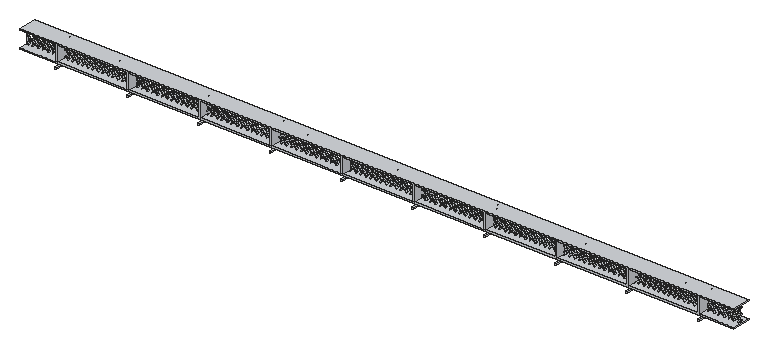
Revit family "Nedsale_venti panlat_zonder kam_Generic Model_2015", category Generic Models, Revit 2015 (continued)
Automatic sketch dimensions
  Extrusion 32 sketch curve to Extrusion 32 sketch curve = 4 mm  (x7)
  Extrusion 32 sketch curve to Extrusion 32 sketch curve = 0.959 mm  (x7)
  Extrusion 32 sketch curve to Extrusion 32 sketch curve = 1.279 mm  (x2)
  Extrusion 32 sketch curve to Extrusion 32 sketch curve = 0.721 mm  (x2)
  Extrusion 32 sketch curve to Extrusion 32 sketch curve = 2 mm  (x7)
  Extrusion 32 sketch curve to Extrusion 32 sketch curve = 1.68 mm  (x2)
  Extrusion 32 sketch curve to Extrusion 32 sketch curve = 2.91 mm  (x2)
  Extrusion 32 sketch curve to Extrusion 32 sketch curve = 3.464 mm  (x10)
  Extrusion 32 sketch curve to Extrusion 32 sketch curve = 0.554 mm  (x7)
  Extrusion 32 sketch curve to Extrusion 32 sketch curve = 1.108 mm  (x3)
  Extrusion 33 sketch curve to Extrusion 33 sketch curve = 0 mm  (x11)
  Extrusion 33 sketch curve to Extrusion 33 sketch curve = 4 mm  (x7)
  Extrusion 33 sketch curve to Extrusion 33 sketch curve = 0.959 mm  (x7)
  Extrusion 33 sketch curve to Extrusion 33 sketch curve = 1.279 mm  (x2)
  Extrusion 33 sketch curve to Extrusion 33 sketch curve = 0.721 mm  (x2)
  Extrusion 33 sketch curve to Extrusion 33 sketch curve = 2 mm  (x7)
  Extrusion 33 sketch curve to Extrusion 33 sketch curve = 1.68 mm  (x2)
  Extrusion 33 sketch curve to Extrusion 33 sketch curve = 2.91 mm  (x2)
  Extrusion 33 sketch curve to Extrusion 33 sketch curve = 3.464 mm  (x10)
  Extrusion 33 sketch curve to Extrusion 33 sketch curve = 0.554 mm  (x7)
  Extrusion 33 sketch curve to Extrusion 33 sketch curve = 1.108 mm  (x3)
  Extrusion 34 sketch curve to Extrusion 34 sketch curve = 0 mm  (x11)
  Extrusion 34 sketch curve to Extrusion 34 sketch curve = 4 mm  (x7)
  Extrusion 34 sketch curve to Extrusion 34 sketch curve = 0.959 mm  (x7)
  Extrusion 34 sketch curve to Extrusion 34 sketch curve = 1.279 mm  (x2)
  Extrusion 34 sketch curve to Extrusion 34 sketch curve = 0.721 mm  (x2)
  Extrusion 34 sketch curve to Extrusion 34 sketch curve = 2 mm  (x7)
  Extrusion 34 sketch curve to Extrusion 34 sketch curve = 1.68 mm  (x2)
  Extrusion 34 sketch curve to Extrusion 34 sketch curve = 2.91 mm  (x2)
  Extrusion 34 sketch curve to Extrusion 34 sketch curve = 3.464 mm  (x10)
  Extrusion 34 sketch curve to Extrusion 34 sketch curve = 0.554 mm  (x7)
  Extrusion 34 sketch curve to Extrusion 34 sketch curve = 1.108 mm  (x3)
  Extrusion 35 sketch curve to Extrusion 35 sketch curve = 0 mm  (x11)
  Extrusion 35 sketch curve to Extrusion 35 sketch curve = 4 mm  (x7)
  Extrusion 35 sketch curve to Extrusion 35 sketch curve = 0.959 mm  (x7)
  Extrusion 35 sketch curve to Extrusion 35 sketch curve = 1.279 mm  (x2)
  Extrusion 35 sketch curve to Extrusion 35 sketch curve = 0.721 mm  (x2)
  Extrusion 35 sketch curve to Extrusion 35 sketch curve = 2 mm  (x7)
  Extrusion 35 sketch curve to Extrusion 35 sketch curve = 1.68 mm  (x2)
  Extrusion 35 sketch curve to Extrusion 35 sketch curve = 2.91 mm  (x2)
  Extrusion 35 sketch curve to Extrusion 35 sketch curve = 3.464 mm  (x10)
  Extrusion 35 sketch curve to Extrusion 35 sketch curve = 0.554 mm  (x7)
  Extrusion 35 sketch curve to Extrusion 35 sketch curve = 1.108 mm  (x3)
  Extrusion 36 sketch curve to Extrusion 36 sketch curve = 0 mm  (x11)
  Extrusion 36 sketch curve to Extrusion 36 sketch curve = 4 mm  (x7)
  Extrusion 36 sketch curve to Extrusion 36 sketch curve = 0.959 mm  (x7)
  Extrusion 36 sketch curve to Extrusion 36 sketch curve = 1.279 mm  (x2)
  Extrusion 36 sketch curve to Extrusion 36 sketch curve = 0.721 mm  (x2)
  Extrusion 36 sketch curve to Extrusion 36 sketch curve = 2 mm  (x7)
  Extrusion 36 sketch curve to Extrusion 36 sketch curve = 1.68 mm  (x2)
  Extrusion 36 sketch curve to Extrusion 36 sketch curve = 2.91 mm  (x2)
  Extrusion 36 sketch curve to Extrusion 36 sketch curve = 3.464 mm  (x10)
  Extrusion 36 sketch curve to Extrusion 36 sketch curve = 0.554 mm  (x7)
  Extrusion 36 sketch curve to Extrusion 36 sketch curve = 1.108 mm  (x3)
  Extrusion 37 sketch curve to Extrusion 37 sketch curve = 0 mm  (x11)
  Extrusion 37 sketch curve to Extrusion 37 sketch curve = 4 mm  (x7)
  Extrusion 37 sketch curve to Extrusion 37 sketch curve = 0.959 mm  (x7)
  Extrusion 37 sketch curve to Extrusion 37 sketch curve = 1.279 mm  (x2)
  Extrusion 37 sketch curve to Extrusion 37 sketch curve = 0.721 mm  (x2)
  Extrusion 37 sketch curve to Extrusion 37 sketch curve = 2 mm  (x7)
  Extrusion 37 sketch curve to Extrusion 37 sketch curve = 1.68 mm  (x2)
  Extrusion 37 sketch curve to Extrusion 37 sketch curve = 2.91 mm  (x2)
  Extrusion 37 sketch curve to Extrusion 37 sketch curve = 3.464 mm  (x10)
  Extrusion 37 sketch curve to Extrusion 37 sketch curve = 0.554 mm  (x7)
  Extrusion 37 sketch curve to Extrusion 37 sketch curve = 1.108 mm  (x3)
  Extrusion 38 sketch curve to Extrusion 38 sketch curve = 0 mm  (x11)
  Extrusion 38 sketch curve to Extrusion 38 sketch curve = 4 mm  (x7)
  Extrusion 38 sketch curve to Extrusion 38 sketch curve = 0.959 mm  (x7)
  Extrusion 38 sketch curve to Extrusion 38 sketch curve = 1.279 mm  (x2)
  Extrusion 38 sketch curve to Extrusion 38 sketch curve = 0.721 mm  (x2)
  Extrusion 38 sketch curve to Extrusion 38 sketch curve = 2 mm  (x7)
  Extrusion 38 sketch curve to Extrusion 38 sketch curve = 1.68 mm  (x2)
  Extrusion 38 sketch curve to Extrusion 38 sketch curve = 2.91 mm  (x2)
  Extrusion 38 sketch curve to Extrusion 38 sketch curve = 3.464 mm  (x10)
  Extrusion 38 sketch curve to Extrusion 38 sketch curve = 0.554 mm  (x7)
  Extrusion 38 sketch curve to Extrusion 38 sketch curve = 1.108 mm  (x3)
  Extrusion 39 sketch curve to Extrusion 39 sketch curve = 0 mm  (x11)
  Extrusion 39 sketch curve to Extrusion 39 sketch curve = 4 mm  (x7)
  Extrusion 39 sketch curve to Extrusion 39 sketch curve = 0.959 mm  (x7)
  Extrusion 39 sketch curve to Extrusion 39 sketch curve = 1.279 mm  (x2)
  Extrusion 39 sketch curve to Extrusion 39 sketch curve = 0.721 mm  (x2)
  Extrusion 39 sketch curve to Extrusion 39 sketch curve = 2 mm  (x7)
  Extrusion 39 sketch curve to Extrusion 39 sketch curve = 1.68 mm  (x2)
  Extrusion 39 sketch curve to Extrusion 39 sketch curve = 2.91 mm  (x2)
  Extrusion 39 sketch curve to Extrusion 39 sketch curve = 3.464 mm  (x10)
  Extrusion 39 sketch curve to Extrusion 39 sketch curve = 0.554 mm  (x7)
  Extrusion 39 sketch curve to Extrusion 39 sketch curve = 1.108 mm  (x3)
  Extrusion 40 sketch curve to Extrusion 40 sketch curve = 0 mm  (x11)
  Extrusion 40 sketch curve to Extrusion 40 sketch curve = 4 mm  (x7)
  Extrusion 40 sketch curve to Extrusion 40 sketch curve = 0.959 mm  (x7)
  Extrusion 40 sketch curve to Extrusion 40 sketch curve = 1.279 mm  (x2)
  Extrusion 40 sketch curve to Extrusion 40 sketch curve = 0.721 mm  (x2)
  Extrusion 40 sketch curve to Extrusion 40 sketch curve = 2 mm  (x7)
  Extrusion 40 sketch curve to Extrusion 40 sketch curve = 1.68 mm  (x2)
  Extrusion 40 sketch curve to Extrusion 40 sketch curve = 2.91 mm  (x2)
  Extrusion 40 sketch curve to Extrusion 40 sketch curve = 3.464 mm  (x10)
  Extrusion 40 sketch curve to Extrusion 40 sketch curve = 0.554 mm  (x7)
  Extrusion 40 sketch curve to Extrusion 40 sketch curve = 1.108 mm  (x3)
  Extrusion 41 sketch curve to Extrusion 41 sketch curve = 0 mm  (x11)
  Extrusion 41 sketch curve to Extrusion 41 sketch curve = 4 mm  (x7)
  Extrusion 41 sketch curve to Extrusion 41 sketch curve = 0.959 mm  (x7)
  Extrusion 41 sketch curve to Extrusion 41 sketch curve = 1.279 mm  (x2)
  Extrusion 41 sketch curve to Extrusion 41 sketch curve = 0.721 mm  (x2)
  Extrusion 41 sketch curve to Extrusion 41 sketch curve = 2 mm  (x7)
  Extrusion 41 sketch curve to Extrusion 41 sketch curve = 1.68 mm  (x2)
  Extrusion 41 sketch curve to Extrusion 41 sketch curve = 2.91 mm  (x2)
  Extrusion 41 sketch curve to Extrusion 41 sketch curve = 3.464 mm  (x10)
  Extrusion 41 sketch curve to Extrusion 41 sketch curve = 0.554 mm  (x7)
  Extrusion 41 sketch curve to Extrusion 41 sketch curve = 1.108 mm  (x3)
  Extrusion 42 sketch curve to Extrusion 42 sketch curve = 0 mm  (x11)
  Extrusion 42 sketch curve to Extrusion 42 sketch curve = 4 mm  (x7)
  Extrusion 42 sketch curve to Extrusion 42 sketch curve = 0.959 mm  (x7)
  Extrusion 42 sketch curve to Extrusion 42 sketch curve = 1.279 mm  (x2)
  Extrusion 42 sketch curve to Extrusion 42 sketch curve = 0.721 mm  (x2)
  Extrusion 42 sketch curve to Extrusion 42 sketch curve = 2 mm  (x7)
  Extrusion 42 sketch curve to Extrusion 42 sketch curve = 1.68 mm  (x2)
  Extrusion 42 sketch curve to Extrusion 42 sketch curve = 2.91 mm  (x2)
  Extrusion 42 sketch curve to Extrusion 42 sketch curve = 3.464 mm  (x10)
  Extrusion 42 sketch curve to Extrusion 42 sketch curve = 0.554 mm  (x7)
  Extrusion 42 sketch curve to Extrusion 42 sketch curve = 1.108 mm  (x3)
  Extrusion 43 sketch curve to Extrusion 43 sketch curve = 0 mm  (x11)
  Extrusion 43 sketch curve to Extrusion 43 sketch curve = 4 mm  (x7)
  Extrusion 43 sketch curve to Extrusion 43 sketch curve = 0.959 mm  (x7)
  Extrusion 43 sketch curve to Extrusion 43 sketch curve = 1.279 mm  (x2)
  Extrusion 43 sketch curve to Extrusion 43 sketch curve = 0.721 mm  (x2)
  Extrusion 43 sketch curve to Extrusion 43 sketch curve = 2 mm  (x7)
  Extrusion 43 sketch curve to Extrusion 43 sketch curve = 1.68 mm  (x2)
  Extrusion 43 sketch curve to Extrusion 43 sketch curve = 2.91 mm  (x2)
  Extrusion 43 sketch curve to Extrusion 43 sketch curve = 3.464 mm  (x10)
  Extrusion 43 sketch curve to Extrusion 43 sketch curve = 0.554 mm  (x7)
  Extrusion 43 sketch curve to Extrusion 43 sketch curve = 1.108 mm  (x3)
  Extrusion 44 sketch curve to Extrusion 44 sketch curve = 0 mm  (x11)
  Extrusion 44 sketch curve to Extrusion 44 sketch curve = 4 mm  (x7)
  Extrusion 44 sketch curve to Extrusion 44 sketch curve = 0.959 mm  (x7)
  Extrusion 44 sketch curve to Extrusion 44 sketch curve = 1.279 mm  (x2)
  Extrusion 44 sketch curve to Extrusion 44 sketch curve = 0.721 mm  (x2)
  Extrusion 44 sketch curve to Extrusion 44 sketch curve = 2 mm  (x7)
  Extrusion 44 sketch curve to Extrusion 44 sketch curve = 1.68 mm  (x2)
  Extrusion 44 sketch curve to Extrusion 44 sketch curve = 2.91 mm  (x2)
  Extrusion 44 sketch curve to Extrusion 44 sketch curve = 3.464 mm  (x10)
  Extrusion 44 sketch curve to Extrusion 44 sketch curve = 0.554 mm  (x7)
  Extrusion 44 sketch curve to Extrusion 44 sketch curve = 1.108 mm  (x3)
  Extrusion 45 sketch curve to Extrusion 45 sketch curve = 0 mm  (x11)
  Extrusion 45 sketch curve to Extrusion 45 sketch curve = 4 mm  (x7)
  Extrusion 45 sketch curve to Extrusion 45 sketch curve = 0.959 mm  (x7)
  Extrusion 45 sketch curve to Extrusion 45 sketch curve = 1.279 mm  (x2)
  Extrusion 45 sketch curve to Extrusion 45 sketch curve = 0.721 mm  (x2)
  Extrusion 45 sketch curve to Extrusion 45 sketch curve = 2 mm  (x7)
  Extrusion 45 sketch curve to Extrusion 45 sketch curve = 1.68 mm  (x2)
  Extrusion 45 sketch curve to Extrusion 45 sketch curve = 2.91 mm  (x2)
  Extrusion 45 sketch curve to Extrusion 45 sketch curve = 3.464 mm  (x10)
  Extrusion 45 sketch curve to Extrusion 45 sketch curve = 0.554 mm  (x7)
  Extrusion 45 sketch curve to Extrusion 45 sketch curve = 1.108 mm  (x3)
  Extrusion 46 sketch curve to Extrusion 46 sketch curve = 0 mm  (x11)
  Extrusion 46 sketch curve to Extrusion 46 sketch curve = 4 mm  (x7)
  Extrusion 46 sketch curve to Extrusion 46 sketch curve = 0.959 mm  (x7)
  Extrusion 46 sketch curve to Extrusion 46 sketch curve = 1.279 mm  (x2)
  Extrusion 46 sketch curve to Extrusion 46 sketch curve = 0.721 mm  (x2)
  Extrusion 46 sketch curve to Extrusion 46 sketch curve = 2 mm  (x7)
  Extrusion 46 sketch curve to Extrusion 46 sketch curve = 1.68 mm  (x2)
  Extrusion 46 sketch curve to Extrusion 46 sketch curve = 2.91 mm  (x2)
  Extrusion 46 sketch curve to Extrusion 46 sketch curve = 3.464 mm  (x10)
  Extrusion 46 sketch curve to Extrusion 46 sketch curve = 0.554 mm  (x7)
  Extrusion 46 sketch curve to Extrusion 46 sketch curve = 1.108 mm  (x3)
  Extrusion 47 sketch curve to Extrusion 47 sketch curve = 0 mm  (x11)
  Extrusion 47 sketch curve to Extrusion 47 sketch curve = 4 mm  (x7)
  Extrusion 47 sketch curve to Extrusion 47 sketch curve = 0.959 mm  (x7)
  Extrusion 47 sketch curve to Extrusion 47 sketch curve = 1.279 mm  (x2)
  Extrusion 47 sketch curve to Extrusion 47 sketch curve = 0.721 mm  (x2)
  Extrusion 47 sketch curve to Extrusion 47 sketch curve = 2 mm  (x7)
  Extrusion 47 sketch curve to Extrusion 47 sketch curve = 1.68 mm  (x2)
  Extrusion 47 sketch curve to Extrusion 47 sketch curve = 2.91 mm  (x2)
  Extrusion 47 sketch curve to Extrusion 47 sketch curve = 3.464 mm  (x10)
  Extrusion 47 sketch curve to Extrusion 47 sketch curve = 0.554 mm  (x7)
  Extrusion 47 sketch curve to Extrusion 47 sketch curve = 1.108 mm  (x3)
  Extrusion 48 sketch curve to Extrusion 48 sketch curve = 0 mm  (x11)
  Extrusion 48 sketch curve to Extrusion 48 sketch curve = 4 mm  (x7)
  Extrusion 48 sketch curve to Extrusion 48 sketch curve = 0.959 mm  (x7)
  Extrusion 48 sketch curve to Extrusion 48 sketch curve = 1.279 mm  (x2)
  Extrusion 48 sketch curve to Extrusion 48 sketch curve = 0.721 mm  (x2)
  Extrusion 48 sketch curve to Extrusion 48 sketch curve = 2 mm  (x7)
  Extrusion 48 sketch curve to Extrusion 48 sketch curve = 1.68 mm  (x2)
  Extrusion 48 sketch curve to Extrusion 48 sketch curve = 2.91 mm  (x2)
  Extrusion 48 sketch curve to Extrusion 48 sketch curve = 3.464 mm  (x10)
  Extrusion 48 sketch curve to Extrusion 48 sketch curve = 0.554 mm  (x7)
  Extrusion 48 sketch curve to Extrusion 48 sketch curve = 1.108 mm  (x3)
  Extrusion 49 sketch curve to Extrusion 49 sketch curve = 0 mm  (x11)
  Extrusion 49 sketch curve to Extrusion 49 sketch curve = 4 mm  (x7)
  Extrusion 49 sketch curve to Extrusion 49 sketch curve = 0.959 mm  (x7)
  Extrusion 49 sketch curve to Extrusion 49 sketch curve = 1.279 mm  (x2)
  Extrusion 49 sketch curve to Extrusion 49 sketch curve = 0.721 mm  (x2)
  Extrusion 49 sketch curve to Extrusion 49 sketch curve = 2 mm  (x7)
  Extrusion 49 sketch curve to Extrusion 49 sketch curve = 1.68 mm  (x2)
  Extrusion 49 sketch curve to Extrusion 49 sketch curve = 2.91 mm  (x2)
  Extrusion 49 sketch curve to Extrusion 49 sketch curve = 3.464 mm  (x10)
  Extrusion 49 sketch curve to Extrusion 49 sketch curve = 0.554 mm  (x7)
  Extrusion 49 sketch curve to Extrusion 49 sketch curve = 1.108 mm  (x3)
  Extrusion 50 sketch curve to Extrusion 50 sketch curve = 0 mm  (x11)
  Extrusion 50 sketch curve to Extrusion 50 sketch curve = 4 mm  (x7)
  Extrusion 50 sketch curve to Extrusion 50 sketch curve = 0.959 mm  (x7)
  Extrusion 50 sketch curve to Extrusion 50 sketch curve = 1.279 mm  (x2)
  Extrusion 50 sketch curve to Extrusion 50 sketch curve = 0.721 mm  (x2)
  Extrusion 50 sketch curve to Extrusion 50 sketch curve = 2 mm  (x7)
  Extrusion 50 sketch curve to Extrusion 50 sketch curve = 1.68 mm  (x2)
  Extrusion 50 sketch curve to Extrusion 50 sketch curve = 2.91 mm  (x2)
  Extrusion 50 sketch curve to Extrusion 50 sketch curve = 3.464 mm  (x10)
  Extrusion 50 sketch curve to Extrusion 50 sketch curve = 0.554 mm  (x7)
  Extrusion 50 sketch curve to Extrusion 50 sketch curve = 1.108 mm  (x3)
  Extrusion 51 sketch curve to Extrusion 51 sketch curve = 0 mm  (x11)
  Extrusion 51 sketch curve to Extrusion 51 sketch curve = 4 mm  (x7)
  Extrusion 51 sketch curve to Extrusion 51 sketch curve = 0.959 mm  (x7)
  Extrusion 51 sketch curve to Extrusion 51 sketch curve = 1.279 mm  (x2)
  Extrusion 51 sketch curve to Extrusion 51 sketch curve = 0.721 mm  (x2)
  Extrusion 51 sketch curve to Extrusion 51 sketch curve = 2 mm  (x7)
  Extrusion 51 sketch curve to Extrusion 51 sketch curve = 1.68 mm  (x2)
  Extrusion 51 sketch curve to Extrusion 51 sketch curve = 2.91 mm  (x2)
  Extrusion 51 sketch curve to Extrusion 51 sketch curve = 3.464 mm  (x10)
  Extrusion 51 sketch curve to Extrusion 51 sketch curve = 0.554 mm  (x7)
  Extrusion 51 sketch curve to Extrusion 51 sketch curve = 1.108 mm  (x3)
  Extrusion 52 sketch curve to Extrusion 52 sketch curve = 0 mm  (x11)
  Extrusion 52 sketch curve to Extrusion 52 sketch curve = 4 mm  (x7)
  Extrusion 52 sketch curve to Extrusion 52 sketch curve = 0.959 mm  (x7)
  Extrusion 52 sketch curve to Extrusion 52 sketch curve = 1.279 mm  (x2)
  Extrusion 52 sketch curve to Extrusion 52 sketch curve = 0.721 mm  (x2)
  Extrusion 52 sketch curve to Extrusion 52 sketch curve = 2 mm  (x7)
  Extrusion 52 sketch curve to Extrusion 52 sketch curve = 1.68 mm  (x2)
  Extrusion 52 sketch curve to Extrusion 52 sketch curve = 2.91 mm  (x2)
  Extrusion 52 sketch curve to Extrusion 52 sketch curve = 3.464 mm  (x10)
  Extrusion 52 sketch curve to Extrusion 52 sketch curve = 0.554 mm  (x7)
  Extrusion 52 sketch curve to Extrusion 52 sketch curve = 1.108 mm  (x3)
  Extrusion 53 sketch curve to Extrusion 53 sketch curve = 0 mm  (x11)
  Extrusion 53 sketch curve to Extrusion 53 sketch curve = 4 mm  (x7)
  Extrusion 53 sketch curve to Extrusion 53 sketch curve = 0.959 mm  (x7)
  Extrusion 53 sketch curve to Extrusion 53 sketch curve = 1.279 mm  (x2)
  Extrusion 53 sketch curve to Extrusion 53 sketch curve = 0.721 mm  (x2)
  Extrusion 53 sketch curve to Extrusion 53 sketch curve = 2 mm  (x7)
  Extrusion 53 sketch curve to Extrusion 53 sketch curve = 1.68 mm  (x2)
  Extrusion 53 sketch curve to Extrusion 53 sketch curve = 2.91 mm  (x2)
  Extrusion 53 sketch curve to Extrusion 53 sketch curve = 3.464 mm  (x10)
  Extrusion 53 sketch curve to Extrusion 53 sketch curve = 0.554 mm  (x7)
  Extrusion 53 sketch curve to Extrusion 53 sketch curve = 1.108 mm  (x3)
  Extrusion 54 sketch curve to Extrusion 54 sketch curve = 0 mm  (x11)
  Extrusion 54 sketch curve to Extrusion 54 sketch curve = 4 mm  (x7)
  Extrusion 54 sketch curve to Extrusion 54 sketch curve = 0.959 mm  (x7)
  Extrusion 54 sketch curve to Extrusion 54 sketch curve = 1.279 mm  (x2)
  Extrusion 54 sketch curve to Extrusion 54 sketch curve = 0.721 mm  (x2)
  Extrusion 54 sketch curve to Extrusion 54 sketch curve = 2 mm  (x7)
  Extrusion 54 sketch curve to Extrusion 54 sketch curve = 1.68 mm  (x2)
  Extrusion 54 sketch curve to Extrusion 54 sketch curve = 2.91 mm  (x2)
  Extrusion 54 sketch curve to Extrusion 54 sketch curve = 3.464 mm  (x10)
  Extrusion 54 sketch curve to Extrusion 54 sketch curve = 0.554 mm  (x7)
  Extrusion 54 sketch curve to Extrusion 54 sketch curve = 1.108 mm  (x3)
  Extrusion 55 sketch curve to Extrusion 55 sketch curve = 0 mm  (x11)
  Extrusion 55 sketch curve to Extrusion 55 sketch curve = 4 mm  (x7)
  Extrusion 55 sketch curve to Extrusion 55 sketch curve = 0.959 mm  (x7)
  Extrusion 55 sketch curve to Extrusion 55 sketch curve = 1.279 mm  (x2)
  Extrusion 55 sketch curve to Extrusion 55 sketch curve = 0.721 mm  (x2)
  Extrusion 55 sketch curve to Extrusion 55 sketch curve = 2 mm  (x7)
  Extrusion 55 sketch curve to Extrusion 55 sketch curve = 1.68 mm  (x2)
  Extrusion 55 sketch curve to Extrusion 55 sketch curve = 2.91 mm  (x2)
  Extrusion 55 sketch curve to Extrusion 55 sketch curve = 3.464 mm  (x10)
  Extrusion 55 sketch curve to Extrusion 55 sketch curve = 0.554 mm  (x7)
  Extrusion 55 sketch curve to Extrusion 55 sketch curve = 1.108 mm  (x3)
  Extrusion 56 sketch curve to Extrusion 56 sketch curve = 0 mm  (x11)
  Extrusion 56 sketch curve to Extrusion 56 sketch curve = 4 mm  (x7)
  Extrusion 56 sketch curve to Extrusion 56 sketch curve = 0.959 mm  (x7)
  Extrusion 56 sketch curve to Extrusion 56 sketch curve = 1.279 mm  (x2)
  Extrusion 56 sketch curve to Extrusion 56 sketch curve = 0.721 mm  (x2)
  Extrusion 56 sketch curve to Extrusion 56 sketch curve = 2 mm  (x7)
  Extrusion 56 sketch curve to Extrusion 56 sketch curve = 1.68 mm  (x2)
  Extrusion 56 sketch curve to Extrusion 56 sketch curve = 2.91 mm  (x2)
  Extrusion 56 sketch curve to Extrusion 56 sketch curve = 3.464 mm  (x10)
  Extrusion 56 sketch curve to Extrusion 56 sketch curve = 0.554 mm  (x7)
  Extrusion 56 sketch curve to Extrusion 56 sketch curve = 1.108 mm  (x3)
  Extrusion 57 sketch curve to Extrusion 57 sketch curve = 0 mm  (x11)
  Extrusion 57 sketch curve to Extrusion 57 sketch curve = 4 mm  (x7)
  Extrusion 57 sketch curve to Extrusion 57 sketch curve = 0.959 mm  (x7)
  Extrusion 57 sketch curve to Extrusion 57 sketch curve = 1.279 mm  (x2)
  Extrusion 57 sketch curve to Extrusion 57 sketch curve = 0.721 mm  (x2)
  Extrusion 57 sketch curve to Extrusion 57 sketch curve = 2 mm  (x7)
  Extrusion 57 sketch curve to Extrusion 57 sketch curve = 1.68 mm  (x2)
  Extrusion 57 sketch curve to Extrusion 57 sketch curve = 2.91 mm  (x2)
  Extrusion 57 sketch curve to Extrusion 57 sketch curve = 3.464 mm  (x10)
  Extrusion 57 sketch curve to Extrusion 57 sketch curve = 0.554 mm  (x7)
  Extrusion 57 sketch curve to Extrusion 57 sketch curve = 1.108 mm  (x3)
  Extrusion 58 sketch curve to Extrusion 58 sketch curve = 0 mm  (x11)
  Extrusion 58 sketch curve to Extrusion 58 sketch curve = 4 mm  (x7)
  Extrusion 58 sketch curve to Extrusion 58 sketch curve = 0.959 mm  (x7)
  Extrusion 58 sketch curve to Extrusion 58 sketch curve = 1.279 mm  (x2)
  Extrusion 58 sketch curve to Extrusion 58 sketch curve = 0.721 mm  (x2)
  Extrusion 58 sketch curve to Extrusion 58 sketch curve = 2 mm  (x7)
  Extrusion 58 sketch curve to Extrusion 58 sketch curve = 1.68 mm  (x2)
  Extrusion 58 sketch curve to Extrusion 58 sketch curve = 2.91 mm  (x2)
  Extrusion 58 sketch curve to Extrusion 58 sketch curve = 3.464 mm  (x10)
  Extrusion 58 sketch curve to Extrusion 58 sketch curve = 0.554 mm  (x7)
  Extrusion 58 sketch curve to Extrusion 58 sketch curve = 1.108 mm  (x3)
  Extrusion 59 sketch curve to Extrusion 59 sketch curve = 0 mm  (x11)
  Extrusion 59 sketch curve to Extrusion 59 sketch curve = 4 mm  (x7)
  Extrusion 59 sketch curve to Extrusion 59 sketch curve = 0.959 mm  (x7)
  Extrusion 59 sketch curve to Extrusion 59 sketch curve = 1.279 mm  (x2)
  Extrusion 59 sketch curve to Extrusion 59 sketch curve = 0.721 mm  (x2)
  Extrusion 59 sketch curve to Extrusion 59 sketch curve = 2 mm  (x7)
  Extrusion 59 sketch curve to Extrusion 59 sketch curve = 1.68 mm  (x2)
  Extrusion 59 sketch curve to Extrusion 59 sketch curve = 2.91 mm  (x2)
  Extrusion 59 sketch curve to Extrusion 59 sketch curve = 3.464 mm  (x10)
  Extrusion 59 sketch curve to Extrusion 59 sketch curve = 0.554 mm  (x7)
  Extrusion 59 sketch curve to Extrusion 59 sketch curve = 1.108 mm  (x3)
  Extrusion 60 sketch curve to Extrusion 60 sketch curve = 0 mm  (x11)
  Extrusion 60 sketch curve to Extrusion 60 sketch curve = 4 mm  (x7)
  Extrusion 60 sketch curve to Extrusion 60 sketch curve = 0.959 mm  (x7)
  Extrusion 60 sketch curve to Extrusion 60 sketch curve = 1.279 mm  (x2)
  Extrusion 60 sketch curve to Extrusion 60 sketch curve = 0.721 mm  (x2)
  Extrusion 60 sketch curve to Extrusion 60 sketch curve = 2 mm  (x7)
  Extrusion 60 sketch curve to Extrusion 60 sketch curve = 1.68 mm  (x2)
  Extrusion 60 sketch curve to Extrusion 60 sketch curve = 2.91 mm  (x2)
  Extrusion 60 sketch curve to Extrusion 60 sketch curve = 3.464 mm  (x10)
  Extrusion 60 sketch curve to Extrusion 60 sketch curve = 0.554 mm  (x7)
  Extrusion 60 sketch curve to Extrusion 60 sketch curve = 1.108 mm  (x3)
  Extrusion 61 sketch curve to Extrusion 61 sketch curve = 0 mm  (x11)
  Extrusion 61 sketch curve to Extrusion 61 sketch curve = 4 mm  (x7)
  Extrusion 61 sketch curve to Extrusion 61 sketch curve = 0.959 mm  (x7)
  Extrusion 61 sketch curve to Extrusion 61 sketch curve = 1.279 mm  (x2)
  Extrusion 61 sketch curve to Extrusion 61 sketch curve = 0.721 mm  (x2)
  Extrusion 61 sketch curve to Extrusion 61 sketch curve = 2 mm  (x7)
  Extrusion 61 sketch curve to Extrusion 61 sketch curve = 1.68 mm  (x2)
  Extrusion 61 sketch curve to Extrusion 61 sketch curve = 2.91 mm  (x2)
  Extrusion 61 sketch curve to Extrusion 61 sketch curve = 3.464 mm  (x10)
  Extrusion 61 sketch curve to Extrusion 61 sketch curve = 0.554 mm  (x7)
  Extrusion 61 sketch curve to Extrusion 61 sketch curve = 1.108 mm  (x3)
  Extrusion 62 sketch curve to Extrusion 62 sketch curve = 0 mm  (x11)
  Extrusion 62 sketch curve to Extrusion 62 sketch curve = 4 mm  (x7)
  Extrusion 62 sketch curve to Extrusion 62 sketch curve = 0.959 mm  (x7)
  Extrusion 62 sketch curve to Extrusion 62 sketch curve = 1.279 mm  (x2)
  Extrusion 62 sketch curve to Extrusion 62 sketch curve = 0.721 mm  (x2)
  Extrusion 62 sketch curve to Extrusion 62 sketch curve = 2 mm  (x7)
  Extrusion 62 sketch curve to Extrusion 62 sketch curve = 1.68 mm  (x2)
  Extrusion 62 sketch curve to Extrusion 62 sketch curve = 2.91 mm  (x2)
  Extrusion 62 sketch curve to Extrusion 62 sketch curve = 3.464 mm  (x10)
  Extrusion 62 sketch curve to Extrusion 62 sketch curve = 0.554 mm  (x7)
  Extrusion 62 sketch curve to Extrusion 62 sketch curve = 1.108 mm  (x3)
  Extrusion 63 sketch curve to Extrusion 63 sketch curve = 0 mm  (x11)
  Extrusion 63 sketch curve to Extrusion 63 sketch curve = 4 mm  (x7)
  Extrusion 63 sketch curve to Extrusion 63 sketch curve = 0.959 mm  (x7)
  Extrusion 63 sketch curve to Extrusion 63 sketch curve = 1.279 mm  (x2)
  Extrusion 63 sketch curve to Extrusion 63 sketch curve = 0.721 mm  (x2)
  Extrusion 63 sketch curve to Extrusion 63 sketch curve = 2 mm  (x7)
  Extrusion 63 sketch curve to Extrusion 63 sketch curve = 1.68 mm  (x2)
  Extrusion 63 sketch curve to Extrusion 63 sketch curve = 2.91 mm  (x2)
  Extrusion 63 sketch curve to Extrusion 63 sketch curve = 3.464 mm  (x10)
  Extrusion 63 sketch curve to Extrusion 63 sketch curve = 0.554 mm  (x7)
  Extrusion 63 sketch curve to Extrusion 63 sketch curve = 1.108 mm  (x3)
  Extrusion 64 sketch curve to Extrusion 64 sketch curve = 0 mm  (x11)
  Extrusion 64 sketch curve to Extrusion 64 sketch curve = 4 mm  (x7)
  Extrusion 64 sketch curve to Extrusion 64 sketch curve = 0.959 mm  (x7)
  Extrusion 64 sketch curve to Extrusion 64 sketch curve = 1.279 mm  (x2)
  Extrusion 64 sketch curve to Extrusion 64 sketch curve = 0.721 mm  (x2)
  Extrusion 64 sketch curve to Extrusion 64 sketch curve = 2 mm  (x7)
  Extrusion 64 sketch curve to Extrusion 64 sketch curve = 1.68 mm  (x2)
  Extrusion 64 sketch curve to Extrusion 64 sketch curve = 2.91 mm  (x2)
  Extrusion 64 sketch curve to Extrusion 64 sketch curve = 3.464 mm  (x10)
  Extrusion 64 sketch curve to Extrusion 64 sketch curve = 0.554 mm  (x7)
  Extrusion 64 sketch curve to Extrusion 64 sketch curve = 1.108 mm  (x3)
  Extrusion 65 sketch curve to Extrusion 65 sketch curve = 0 mm  (x11)
  Extrusion 65 sketch curve to Extrusion 65 sketch curve = 4 mm  (x7)
  Extrusion 65 sketch curve to Extrusion 65 sketch curve = 0.959 mm  (x7)
  Extrusion 65 sketch curve to Extrusion 65 sketch curve = 1.279 mm  (x2)
  Extrusion 65 sketch curve to Extrusion 65 sketch curve = 0.721 mm  (x2)
  Extrusion 65 sketch curve to Extrusion 65 sketch curve = 2 mm  (x7)
  Extrusion 65 sketch curve to Extrusion 65 sketch curve = 1.68 mm  (x2)
  Extrusion 65 sketch curve to Extrusion 65 sketch curve = 2.91 mm  (x2)
  Extrusion 65 sketch curve to Extrusion 65 sketch curve = 3.464 mm  (x10)
  Extrusion 65 sketch curve to Extrusion 65 sketch curve = 0.554 mm  (x7)
  Extrusion 65 sketch curve to Extrusion 65 sketch curve = 1.108 mm  (x3)
  Extrusion 66 sketch curve to Extrusion 66 sketch curve = 0 mm  (x11)
  Extrusion 66 sketch curve to Extrusion 66 sketch curve = 4 mm  (x7)
  Extrusion 66 sketch curve to Extrusion 66 sketch curve = 0.959 mm  (x7)
  Extrusion 66 sketch curve to Extrusion 66 sketch curve = 1.279 mm  (x2)
  Extrusion 66 sketch curve to Extrusion 66 sketch curve = 0.721 mm  (x2)
  Extrusion 66 sketch curve to Extrusion 66 sketch curve = 2 mm  (x7)
  Extrusion 66 sketch curve to Extrusion 66 sketch curve = 1.68 mm  (x2)
  Extrusion 66 sketch curve to Extrusion 66 sketch curve = 2.91 mm  (x2)
  Extrusion 66 sketch curve to Extrusion 66 sketch curve = 3.464 mm  (x10)
  Extrusion 66 sketch curve to Extrusion 66 sketch curve = 0.554 mm  (x7)
  Extrusion 66 sketch curve to Extrusion 66 sketch curve = 1.108 mm  (x3)
  Extrusion 67 sketch curve to Extrusion 67 sketch curve = 0 mm  (x11)
  Extrusion 67 sketch curve to Extrusion 67 sketch curve = 4 mm  (x7)
  Extrusion 67 sketch curve to Extrusion 67 sketch curve = 0.959 mm  (x7)
  Extrusion 67 sketch curve to Extrusion 67 sketch curve = 1.279 mm  (x2)
  Extrusion 67 sketch curve to Extrusion 67 sketch curve = 0.721 mm  (x2)
  Extrusion 67 sketch curve to Extrusion 67 sketch curve = 2 mm  (x7)
  Extrusion 67 sketch curve to Extrusion 67 sketch curve = 1.68 mm  (x2)
  Extrusion 67 sketch curve to Extrusion 67 sketch curve = 2.91 mm  (x2)
  Extrusion 67 sketch curve to Extrusion 67 sketch curve = 3.464 mm  (x10)
  Extrusion 67 sketch curve to Extrusion 67 sketch curve = 0.554 mm  (x7)
  Extrusion 67 sketch curve to Extrusion 67 sketch curve = 1.108 mm  (x3)
  Extrusion 68 sketch curve to Extrusion 68 sketch curve = 0 mm  (x11)
  Extrusion 68 sketch curve to Extrusion 68 sketch curve = 4 mm  (x7)
  Extrusion 68 sketch curve to Extrusion 68 sketch curve = 0.959 mm  (x7)
  Extrusion 68 sketch curve to Extrusion 68 sketch curve = 1.279 mm  (x2)
  Extrusion 68 sketch curve to Extrusion 68 sketch curve = 0.721 mm  (x2)
  Extrusion 68 sketch curve to Extrusion 68 sketch curve = 2 mm  (x7)
  Extrusion 68 sketch curve to Extrusion 68 sketch curve = 1.68 mm  (x2)
  Extrusion 68 sketch curve to Extrusion 68 sketch curve = 2.91 mm  (x2)
  Extrusion 68 sketch curve to Extrusion 68 sketch curve = 3.464 mm  (x10)
  Extrusion 68 sketch curve to Extrusion 68 sketch curve = 0.554 mm  (x7)
  Extrusion 68 sketch curve to Extrusion 68 sketch curve = 1.108 mm  (x3)
  Extrusion 69 sketch curve to Extrusion 69 sketch curve = 0 mm  (x11)
  Extrusion 69 sketch curve to Extrusion 69 sketch curve = 4 mm  (x7)
  Extrusion 69 sketch curve to Extrusion 69 sketch curve = 0.959 mm  (x7)
  Extrusion 69 sketch curve to Extrusion 69 sketch curve = 1.279 mm  (x2)
  Extrusion 69 sketch curve to Extrusion 69 sketch curve = 0.721 mm  (x2)
  Extrusion 69 sketch curve to Extrusion 69 sketch curve = 2 mm  (x7)
  Extrusion 69 sketch curve to Extrusion 69 sketch curve = 1.68 mm  (x2)
  Extrusion 69 sketch curve to Extrusion 69 sketch curve = 2.91 mm  (x2)
  Extrusion 69 sketch curve to Extrusion 69 sketch curve = 3.464 mm  (x10)
  Extrusion 69 sketch curve to Extrusion 69 sketch curve = 0.554 mm  (x7)
  Extrusion 69 sketch curve to Extrusion 69 sketch curve = 1.108 mm  (x3)
  Extrusion 70 sketch curve to Extrusion 70 sketch curve = 0 mm  (x11)
  Extrusion 70 sketch curve to Extrusion 70 sketch curve = 4 mm  (x7)
  Extrusion 70 sketch curve to Extrusion 70 sketch curve = 0.959 mm  (x7)
  Extrusion 70 sketch curve to Extrusion 70 sketch curve = 1.279 mm  (x2)
  Extrusion 70 sketch curve to Extrusion 70 sketch curve = 0.721 mm  (x2)
  Extrusion 70 sketch curve to Extrusion 70 sketch curve = 2 mm  (x7)
  Extrusion 70 sketch curve to Extrusion 70 sketch curve = 1.68 mm  (x2)
  Extrusion 70 sketch curve to Extrusion 70 sketch curve = 2.91 mm  (x2)
  Extrusion 70 sketch curve to Extrusion 70 sketch curve = 3.464 mm  (x10)
  Extrusion 70 sketch curve to Extrusion 70 sketch curve = 0.554 mm  (x7)
  Extrusion 70 sketch curve to Extrusion 70 sketch curve = 1.108 mm  (x3)
  Extrusion 71 sketch curve to Extrusion 71 sketch curve = 0 mm  (x11)
  Extrusion 71 sketch curve to Extrusion 71 sketch curve = 4 mm  (x7)
  Extrusion 71 sketch curve to Extrusion 71 sketch curve = 0.959 mm  (x7)
  Extrusion 71 sketch curve to Extrusion 71 sketch curve = 1.279 mm  (x2)
  Extrusion 71 sketch curve to Extrusion 71 sketch curve = 0.721 mm  (x2)
  Extrusion 71 sketch curve to Extrusion 71 sketch curve = 2 mm  (x7)
  Extrusion 71 sketch curve to Extrusion 71 sketch curve = 1.68 mm  (x2)
  Extrusion 71 sketch curve to Extrusion 71 sketch curve = 2.91 mm  (x2)
  Extrusion 71 sketch curve to Extrusion 71 sketch curve = 3.464 mm  (x10)
  Extrusion 71 sketch curve to Extrusion 71 sketch curve = 0.554 mm  (x7)
  Extrusion 71 sketch curve to Extrusion 71 sketch curve = 1.108 mm  (x3)
  Extrusion 72 sketch curve to Extrusion 72 sketch curve = 0 mm  (x11)
  Extrusion 72 sketch curve to Extrusion 72 sketch curve = 4 mm  (x7)
  Extrusion 72 sketch curve to Extrusion 72 sketch curve = 0.959 mm  (x7)
  Extrusion 72 sketch curve to Extrusion 72 sketch curve = 1.279 mm  (x2)
  Extrusion 72 sketch curve to Extrusion 72 sketch curve = 0.721 mm  (x2)
  Extrusion 72 sketch curve to Extrusion 72 sketch curve = 2 mm  (x7)
  Extrusion 72 sketch curve to Extrusion 72 sketch curve = 1.68 mm  (x2)
  Extrusion 72 sketch curve to Extrusion 72 sketch curve = 2.91 mm  (x2)
  Extrusion 72 sketch curve to Extrusion 72 sketch curve = 3.464 mm  (x10)
  Extrusion 72 sketch curve to Extrusion 72 sketch curve = 0.554 mm  (x7)
  Extrusion 72 sketch curve to Extrusion 72 sketch curve = 1.108 mm  (x3)
  Extrusion 73 sketch curve to Extrusion 73 sketch curve = 0 mm  (x11)
  Extrusion 73 sketch curve to Extrusion 73 sketch curve = 4 mm  (x7)
  Extrusion 73 sketch curve to Extrusion 73 sketch curve = 0.959 mm  (x7)
  Extrusion 73 sketch curve to Extrusion 73 sketch curve = 1.279 mm  (x2)
  Extrusion 73 sketch curve to Extrusion 73 sketch curve = 0.721 mm  (x2)
  Extrusion 73 sketch curve to Extrusion 73 sketch curve = 2 mm  (x7)
  Extrusion 73 sketch curve to Extrusion 73 sketch curve = 1.68 mm  (x2)
  Extrusion 73 sketch curve to Extrusion 73 sketch curve = 2.91 mm  (x2)
  Extrusion 73 sketch curve to Extrusion 73 sketch curve = 3.464 mm  (x10)
  Extrusion 73 sketch curve to Extrusion 73 sketch curve = 0.554 mm  (x7)
  Extrusion 73 sketch curve to Extrusion 73 sketch curve = 1.108 mm  (x3)
  Extrusion 1 sketch curve to plane 3 "Center (Left/Right)" = 0 mm
  level to Extrusion 1 sketch curve = 32 mm
  plane 3 "Center (Left/Right)" to Extrusion 1 sketch curve = 1000 mm
  level to Extrusion 1 sketch curve = 7 mm
  Extrusion 74 sketch curve to Extrusion 74 sketch curve = 2 mm
  Extrusion 74 sketch curve to Extrusion 74 sketch curve = 0.89 mm
  Extrusion 74 sketch curve to Extrusion 74 sketch curve = 0 mm
  Extrusion 75 sketch curve to plane 1 "Center (Front/Back)" = 0 mm  (x2)
  Extrusion 75 sketch curve to level = 0 mm
  Extrusion 75 sketch curve to plane 4 = 0 mm
  Extrusion 75 sketch curve to plane 5 = 0 mm
  plane 5 to Extrusion 75 sketch curve = 11.289 mm
  level to Extrusion 75 sketch curve = 2 mm
  Extrusion 75 sketch curve to Extrusion 75 sketch curve = 0.89 mm
  level to Extrusion 75 sketch curve = 7 mm
  Extrusion 75 sketch curve to Extrusion 75 sketch curve = 0 mm
  Extrusion 75 sketch curve to Extrusion 75 sketch curve = 25 mm
  level to Extrusion 75 sketch curve = 1.899 mm
  Extrusion 76 sketch curve to plane 1 "Center (Front/Back)" = 0 mm  (x2)
  Extrusion 76 sketch curve to level = 0 mm
  Extrusion 76 sketch curve to plane 4 = 0 mm
  Extrusion 76 sketch curve to plane 5 = 0 mm
  plane 5 to Extrusion 76 sketch curve = 11.289 mm
  level to Extrusion 76 sketch curve = 2 mm
  Extrusion 76 sketch curve to Extrusion 76 sketch curve = 0.89 mm
  level to Extrusion 76 sketch curve = 7 mm
  Extrusion 76 sketch curve to Extrusion 76 sketch curve = 0 mm
  Extrusion 76 sketch curve to Extrusion 76 sketch curve = 25 mm
  level to Extrusion 76 sketch curve = 1.899 mm
  Extrusion 77 sketch curve to plane 1 "Center (Front/Back)" = 0 mm  (x2)
  Extrusion 77 sketch curve to level = 0 mm
  Extrusion 77 sketch curve to plane 4 = 0 mm
  Extrusion 77 sketch curve to plane 5 = 0 mm
  plane 5 to Extrusion 77 sketch curve = 11.289 mm
  level to Extrusion 77 sketch curve = 2 mm
  Extrusion 77 sketch curve to Extrusion 77 sketch curve = 0.89 mm
  level to Extrusion 77 sketch curve = 7 mm
  Extrusion 77 sketch curve to Extrusion 77 sketch curve = 0 mm
  Extrusion 77 sketch curve to Extrusion 77 sketch curve = 25 mm
  level to Extrusion 77 sketch curve = 1.899 mm
  Extrusion 78 sketch curve to plane 1 "Center (Front/Back)" = 0 mm  (x2)
  Extrusion 78 sketch curve to level = 0 mm
  Extrusion 78 sketch curve to plane 4 = 0 mm
  Extrusion 78 sketch curve to plane 5 = 0 mm
  plane 5 to Extrusion 78 sketch curve = 11.289 mm
  level to Extrusion 78 sketch curve = 2 mm
  Extrusion 78 sketch curve to Extrusion 78 sketch curve = 0.89 mm
  level to Extrusion 78 sketch curve = 7 mm
  Extrusion 78 sketch curve to Extrusion 78 sketch curve = 0 mm
  Extrusion 78 sketch curve to Extrusion 78 sketch curve = 25 mm
  level to Extrusion 78 sketch curve = 1.899 mm
  Extrusion 79 sketch curve to plane 1 "Center (Front/Back)" = 0 mm  (x2)
  Extrusion 79 sketch curve to level = 0 mm
  Extrusion 79 sketch curve to plane 4 = 0 mm
  Extrusion 79 sketch curve to plane 5 = 0 mm
  plane 5 to Extrusion 79 sketch curve = 11.289 mm
  level to Extrusion 79 sketch curve = 2 mm
  Extrusion 79 sketch curve to Extrusion 79 sketch curve = 0.89 mm
  level to Extrusion 79 sketch curve = 7 mm
  Extrusion 79 sketch curve to Extrusion 79 sketch curve = 0 mm
  Extrusion 79 sketch curve to Extrusion 79 sketch curve = 25 mm
  level to Extrusion 79 sketch curve = 1.899 mm
  Extrusion 80 sketch curve to plane 1 "Center (Front/Back)" = 0 mm  (x2)
  Extrusion 80 sketch curve to level = 0 mm
  Extrusion 80 sketch curve to plane 4 = 0 mm
  Extrusion 80 sketch curve to plane 5 = 0 mm
  plane 5 to Extrusion 80 sketch curve = 11.289 mm
  level to Extrusion 80 sketch curve = 2 mm
  Extrusion 80 sketch curve to Extrusion 80 sketch curve = 0.89 mm
  level to Extrusion 80 sketch curve = 7 mm
  Extrusion 80 sketch curve to Extrusion 80 sketch curve = 0 mm
  Extrusion 80 sketch curve to Extrusion 80 sketch curve = 25 mm
  level to Extrusion 80 sketch curve = 1.899 mm
  Extrusion 81 sketch curve to plane 1 "Center (Front/Back)" = 0 mm  (x2)
  Extrusion 81 sketch curve to level = 0 mm
  Extrusion 81 sketch curve to plane 4 = 0 mm
  Extrusion 81 sketch curve to plane 5 = 0 mm
  plane 5 to Extrusion 81 sketch curve = 11.289 mm
  level to Extrusion 81 sketch curve = 2 mm
  Extrusion 81 sketch curve to Extrusion 81 sketch curve = 0.89 mm
  level to Extrusion 81 sketch curve = 7 mm
  Extrusion 81 sketch curve to Extrusion 81 sketch curve = 0 mm
  Extrusion 81 sketch curve to Extrusion 81 sketch curve = 25 mm
  level to Extrusion 81 sketch curve = 1.899 mm
  Extrusion 82 sketch curve to plane 1 "Center (Front/Back)" = 0 mm  (x2)
  Extrusion 82 sketch curve to level = 0 mm
  Extrusion 82 sketch curve to plane 4 = 0 mm
  Extrusion 82 sketch curve to plane 5 = 0 mm
  plane 5 to Extrusion 82 sketch curve = 11.289 mm
  level to Extrusion 82 sketch curve = 2 mm
  Extrusion 82 sketch curve to Extrusion 82 sketch curve = 0.89 mm
  level to Extrusion 82 sketch curve = 7 mm
  Extrusion 82 sketch curve to Extrusion 82 sketch curve = 0 mm
  Extrusion 82 sketch curve to Extrusion 82 sketch curve = 25 mm
  level to Extrusion 82 sketch curve = 1.899 mm
  Extrusion 83 sketch curve to plane 1 "Center (Front/Back)" = 0 mm  (x2)
  Extrusion 83 sketch curve to level = 0 mm
  Extrusion 83 sketch curve to plane 4 = 0 mm
  Extrusion 83 sketch curve to plane 5 = 0 mm
  plane 5 to Extrusion 83 sketch curve = 11.289 mm
  level to Extrusion 83 sketch curve = 2 mm
  Extrusion 83 sketch curve to Extrusion 83 sketch curve = 0.89 mm
  level to Extrusion 83 sketch curve = 7 mm
  Extrusion 83 sketch curve to Extrusion 83 sketch curve = 0 mm
  Extrusion 83 sketch curve to Extrusion 83 sketch curve = 25 mm
  level to Extrusion 83 sketch curve = 1.899 mm
  Extrusion 84 sketch curve to Extrusion 84 sketch curve = 0 mm
  Extrusion 74 sketch curve to plane 1 "Center (Front/Back)" = 0 mm  (x2)
  Extrusion 74 sketch curve to level = 0 mm
  Extrusion 74 sketch curve to plane 4 = 0 mm
  plane 5 to Extrusion 74 sketch curve = 11.289 mm
  Extrusion 74 sketch curve to Extrusion 74 sketch curve = 1.899 mm
  level to Extrusion 74 sketch curve = 2 mm
  Extrusion 74 sketch curve to Extrusion 74 sketch curve = 5.101 mm
  Extrusion 74 sketch curve to Extrusion 74 sketch curve = 25 mm
  Extrusion 84 sketch curve to plane 1 "Center (Front/Back)" = 0 mm  (x2)
  plane 5 to Extrusion 84 sketch curve = 11.289 mm
  level to Extrusion 84 sketch curve = 32 mm
  Extrusion 84 sketch curve to Extrusion 84 sketch curve = 1.501 mm  (x2)
  level to Extrusion 84 sketch curve = 8.501 mm
